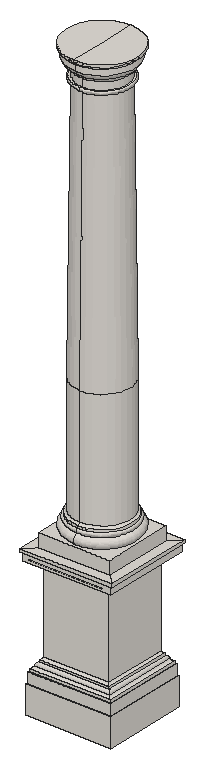
Revit family
Parameters (values of type "16'  Height (10 2/3 x Dia.)")
  Assembly Code = "B1010200"
  Diameter = 1' - 6"
  Material = Stone - Marble, Alabaster
  Neck Diameter = 1' - 3 3/4"
Reference planes (in)
  plane 1: y = 0
  plane 2 "Pedestal": z = 0
  plane 3: x = 0
  plane 4: x = -9
  plane 5: x = 9
  plane 6: y = 9
  plane 7: y = -9
  plane 8 "Column": z = 48
  plane 9 "Entablature": z = 192
  plane 10 "1/3 Column": z = 96
  plane 11: y = 14.1126013
  plane 12: y = 7.875
  plane 13: y = -7.875
  plane 14: x = -7.875
  plane 15: x = 7.875
  plane 16 "2/3 Column": z = 144
  plane 17: z = 182
  plane 18: y = 11.5
  plane 19: y = 8.625
  plane 20: z = 52.25
  plane 21: z = 55.5
  plane 22: z = 57.5
  plane 23: z = 56.75
  plane 24: z = 144
  plane 25: z = 96
  plane 26 "1": z = 16.5
  plane 27 "2": z = 43.5
Forms (in)
  Sweep 1, solid, material "Stone - Marble, Alabaster" <- "Material"
    path origin (0, 0, 0) x (1, 0, 0) y (0, 1, 0)
      loop
        line (-14.1126013, 14.1126013) -> (-14.1126013, -14.1126013) -> (14.1126013, -14.1126013) -> (14.1126013, 14.1126013) -> (-14.1126013, 14.1126013)
    profile origin (0, 0, 0) x (0, 1, 0) y (0, 0, 1)
      loop
        line (13.6002026, 0) -> (13.6002026, 9) -> (13.2252026, 9) -> (13.2252026, 12.5) -> (12.8502026, 12.5) -> (12.8502026, 13.25)
        arc (12.8502026, 13.25) -> (12.2314842, 13.5062816) -> (11.9752026, 14.125) r 0.875
        arc (11.9752026, 14.125) -> (11.718921, 14.7437184) -> (11.1002026, 15) r 0.875
        line (11.1002026, 15) -> (11.1002026, 15.75)
        arc (11.1002026, 15.75) -> (10.5698725, 15.9696699) -> (10.3502026, 16.5) r 0.75
        line (10.3502026, 16.5) -> (9, 16.5) -> (9, 0) -> (13.6002026, 0)
  Revolve 2, solid, material "Stone - Marble, Alabaster" <- "Material"
    sketch origin (0, 0, 0) x (0, -1, 0) y (0, 0, 1)
      loop
        line (0, 52.25) -> (-9.75, 52.25)
        arc (-9.75, 52.25) -> (-11.375, 53.875) -> (-9.75, 55.5) r 1.625
        arc (-9.75, 55.5) -> (-10.375, 56.125) -> (-9.75, 56.75) r 0.625
        line (-9.75, 56.75) -> (-9.75, 57.5)
        arc (-9.75, 57.5) -> (-9.2196699, 57.7196699) -> (-9, 58.25) r 0.75
        line (-9, 58.25) -> (-9, 96) -> (-7.875, 182) -> (-8.625, 182)
        arc (-8.625, 182) -> (-9, 182.375) -> (-8.625, 182.75) r 0.375
        line (-8.625, 182.75) -> (-7.875, 182.75) -> (-7.875, 186) -> (-8.625, 186)
        arc (-8.625, 186) -> (-9, 186.375) -> (-8.625, 186.75) r 0.375
        arc (-8.625, 186.75) -> (-9.8624369, 187.2625631) -> (-10.375, 188.5) r 1.75
        line (-10.375, 188.5) -> (-10.625, 188.5) -> (-10.625, 190.5) -> (-10.7499976, 190.5)
        arc (-10.7499976, 190.5) -> (-10.9696682, 191.0303318) -> (-11.5, 191.2500024) r 0.7500024
        line (-11.5, 191.2500024) -> (-11.5, 192) -> (0, 192)
      axis (0, 192) -> (0, 52.25)
    angle from 0 to 360
  Extrusion 3, solid, material "Stone - Marble, Alabaster"
    sketch origin (0, 0, 0) x (1, 0, 0) y (0, 1, 0)
      loop
        line (-11.375, 11.375) -> (-11.375, -11.375) -> (11.375, -11.375) -> (11.375, 11.375) -> (-11.375, 11.375)
    from 48 to 52.25
  Extrusion 4, solid, material "Stone - Marble, Alabaster" <- "Material"
    sketch origin (0, 0, 0) x (1, 0, 0) y (0, 1, 0)
      loop
        line (-10.375, 10.375) -> (-10.375, -10.375) -> (10.375, -10.375) -> (10.375, 10.375) -> (-10.375, 10.375)
    from 16.5 to 43.5
  Sweep 5, solid, material "Stone - Marble, Alabaster" <- "Material"
    path origin (0, 0, 0) x (1, 0, 0) y (0, 1, 0)
      loop
        line (-9, 9) -> (-9, -9) -> (9, -9) -> (9, 9) -> (-9, 9)
    profile origin (0, 0, 0) x (1, 0, 0) y (0, 0, 1)
      loop
        line (-9, 48) -> (-14.625, 48) -> (-14.625, 47) -> (-14.125, 47) -> (-14.125, 44.5) -> (-13.125, 44.5) -> (-11.8064141, 43.5) -> (-9, 43.5) -> (-9, 48)
Dimensions and locks (in)
  equal spacing: plane 4, plane 3, plane 5
  equal spacing: plane 7, plane 1, plane 6
  "Diameter": plane 4 to plane 5
  "Diameter": plane 7 to plane 6
  equal spacing: plane 14, plane 3, plane 15
  "Neck Diameter": plane 14 to plane 15
  "Neck Diameter": plane 13 to plane 12
  equal spacing: plane 13, plane 1, plane 12
  equal spacing: plane 9 "Entablature", plane 16 "2/3 Column", plane 10 "1/3 Column", plane 8 "Column"
  locked: plane 9 "Entablature" to plane 17 at 10
  locked: plane 18 to plane 12 at 3.625
  locked: Sweep 1 sketch curve to plane 4 at 5.1126013
  locked: plane 5 to Sweep 1 sketch curve at 5.1126013
  locked: plane 6 to Sweep 1 sketch curve at 5.1126013
  locked: Sweep 1 sketch curve to plane 7 at 5.1126013
  locked: plane 19 to plane 12 at 0.75
  locked: plane 20 to plane 21 at 3.25
  locked: plane 21 to plane 23 at 1.25
  locked: plane 23 to plane 22 at 0.75
  locked: Extrusion 3 sketch curve to plane 4 at 2.375
  locked: plane 5 to Extrusion 3 sketch curve at 2.375
  locked: plane 6 to Extrusion 3 sketch curve at 2.375
  locked: Extrusion 3 sketch curve to plane 7 at 2.375
  locked: plane 8 "Column" to level at 48
  locked: plane 2 "Pedestal" to level at 0
  locked: plane 8 "Column" to plane 20 at 4.25
  locked: plane 26 "1" to plane 2 "Pedestal" at 16.5
  locked: Extrusion 4 sketch curve to plane 4 at 1.375
  locked: plane 5 to Extrusion 4 sketch curve at 1.375
  locked: plane 6 to Extrusion 4 sketch curve at 1.375
  locked: Extrusion 4 sketch curve to plane 7 at 1.375
  locked: plane 8 "Column" to plane 27 "2" at 4.5
  Sweep 5 sketch curve to plane 4 = 0' - 5 5/8"
  Sweep 5 sketch curve to plane 4 = 0' - 5 1/8"
  locked: plane 8 "Column" to Sweep 5 sketch curve at 1
  locked: Sweep 5 sketch curve to Sweep 5 sketch curve at 2.5
  level to level = 16' - 0"
  aligned and locked: plane 9 "Entablature" to level
  aligned and locked: Sweep 1 sketch curve to plane 26 "1"
  aligned and locked: Revolve 2 sketch curve to plane 20
  aligned and locked: Extrusion 3 to Revolve 2
  aligned and locked: plane 8 "Column" to Extrusion 3
  aligned and locked: plane 27 "2" to Extrusion 4
  aligned and locked: Sweep 5 sketch curve to plane 6
  aligned and locked: Sweep 5 sketch curve to plane 5
  aligned and locked: plane 7 to Sweep 5 sketch curve
  aligned and locked: plane 4 to Sweep 5 sketch curve
  aligned and locked: Sweep 5 sketch curve to plane 8 "Column"
  aligned and locked: Sweep 5 sketch curve to plane 27 "2"
  aligned and locked: plane 26 "1" to Extrusion 4
  aligned and locked: Revolve 2 sketch curve to plane 18
Automatic sketch dimensions
  Sweep 1 sketch curve to level = 0' - 0"
  profile plane to Sweep 1 sketch curve = 0' - 5.1126"
  Sweep 1 sketch curve to Sweep 1 sketch curve = 0' - 1.3502"
  Sweep 1 sketch curve to Sweep 1 sketch curve = 0' - 0 3/4"  (x3)
  Sweep 1 sketch curve to Sweep 1 sketch curve = 0' - 0 7/8"  (x2)
  Sweep 1 sketch curve to Sweep 1 sketch curve = 0' - 0"
  Sweep 1 sketch curve to Sweep 1 sketch curve = 0' - 0 3/8"
  profile plane to Sweep 1 sketch curve = 0' - 0.5124"
  Sweep 1 sketch curve to Sweep 1 sketch curve = 0' - 3 1/2"
  Sweep 5 sketch curve to profile plane = 0' - 0"
  Sweep 5 sketch curve to Sweep 5 sketch curve = 0' - 1"
  Sweep 5 sketch curve to Sweep 5 sketch curve = 0' - 1.31859"
  Revolve 2 sketch curve to plane 22 = 0' - 0"
  Revolve 2 sketch curve to plane 21 = 0' - 0"  (x2)
  Revolve 2 sketch curve to plane 23 = 0' - 0"
  Revolve 2 sketch curve to plane 6 = 0' - 0"
  Revolve 2 sketch curve to plane 19 = 0' - 0"  (x2)
  Revolve 2 sketch curve to plane 12 = 0' - 0"  (x2)
  Revolve 2 sketch curve to plane 1 = 0' - 0"  (x3)
  Revolve 2 sketch curve to level = 0' - 0"  (x2)
  Revolve 2 sketch curve to plane 20 = 0' - 0"
  Revolve 2 sketch curve to plane 10 "1/3 Column" = 0' - 0"
  Revolve 2 sketch curve to plane 17 = 0' - 0"
  Revolve 2 sketch curve to Revolve 2 sketch curve = 0' - 0 3/4"
  Revolve 2 sketch curve to Revolve 2 sketch curve = 0' - 0 1/8"
  Revolve 2 sketch curve to Revolve 2 sketch curve = 0' - 0 1/4"
  Revolve 2 sketch curve to plane 6 = 0' - 0 3/4"
  Revolve 2 sketch curve to Revolve 2 sketch curve = 0' - 0 3/8"  (x2)
  Revolve 2 sketch curve to Revolve 2 sketch curve = 0' - 3 1/4"
  Revolve 2 sketch curve to Revolve 2 sketch curve = 0' - 0"
  Revolve 2 sketch curve to level = 0' - 1 1/2"
